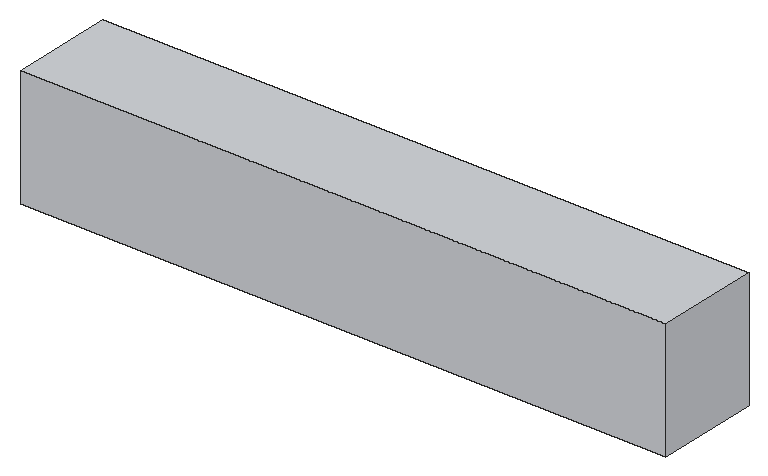
Revit family "TVStand", category 家具, Revit 2025
Family settings
  OmniClass 编号 = 23.40.20.00
  OmniClass 标题 = General Furniture and Specialties
  基于工作平面 = 否
  视图中启用分割 = 否
  总是垂直 = 是
  载入时剪切的空心 = 否
  渲染外观源 = 族几何图形
  共享 = 否
  房间计算点 = 否
Parameters
  默认高程 = 0 mm
Reference planes
  plane 1 "中心(前/后)": y = 0
  plane 2: z = 0
  plane 3 "中心(左/右)": x = 0
  plane 4: x = -1084
  plane 5: x = 1084
  plane 6: y = 173
  plane 7: y = -173
Forms (mm)
  Extrusion 1, solid
    sketch origin (0, 0, 0) x (1, 0, 0) y (0, 1, 0)
      loop
        line (-1084, 173) -> (-1084, -173) -> (1084, -173) -> (1084, 173) -> (-1084, 173)
    from 0 to 400
Dimensions and locks
  aligned and locked: level to plane 2
